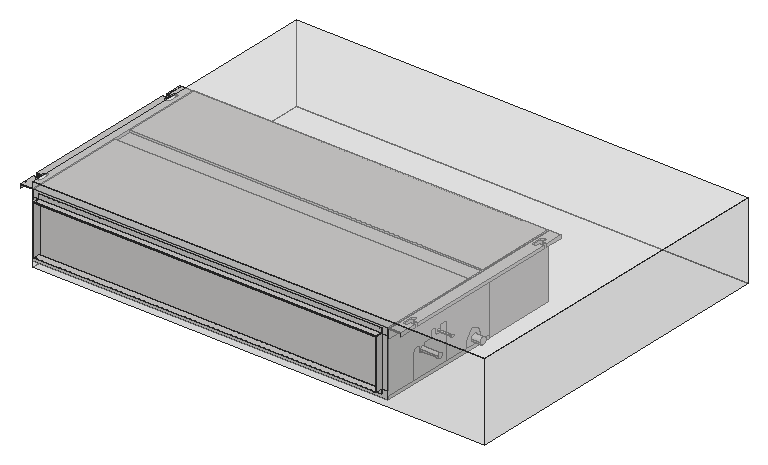
Revit family "outputfile", category 機械設備, Revit 2024
Family settings
  丸型コネクタ寸法 = 半径を使用
  パーツ タイプ = 標準
  OmniClass 番号 = 23.75.10.24.21.27.27
  OmniClass タイトル = Split System Air Conditioning Units
  作業面ベース = いいえ
  常に垂直 = はい
  ロード時にボイドで切り取り = いいえ
  注釈の向きを維持 = いいえ
  共有 = いいえ
  部屋計算ポイント = はい
Parameters (values of type "FDKS60CVMB")
  Description = ""
  書き出し IFC クラス(タイプ) = "IfcUnitaryEquipmentType"
  定義済み IFC タイプ(タイプ) = "AIRCONDITIONINGUNIT"
  Cost = 0
  Type Comments = ""
  Keynote = ""
  Type Image = (empty or 0)
  Assembly Code = ""
  switch_frequency = yes
  ld_powersupply = Depth / 2  # 310.0 mm
  製造元 = "Daikin"
  モデル = "FDKS60CVMB"
  r_Liquid Pipe Size = Liquid Pipe Size / 2  # 3.2 mm
  r_Gas Pipe Size = Gas Pipe Size / 2  # 6.35 mm
  r_Drain Pipe Size = Drain Pipe Size / 2  # 10.0 mm
  lw_powersupply = 50.0 mm  # constant formula
  lw_ductflange2 = 1020.0 mm
  lw_Width = 1060.0 mm
  lh_suctionflange [instance] = 100.0 mm  # constant formula
  ld_suctionflange [instance] = if(Rear Connection_Return Air, 190.0 mm, 100.0 mm)  # 190.0 mm
  connector_voltage = Voltage_50Hz  # 230 V
  connector_powerinput = [Power Input (Cooling)]  # 0.000 kW
  connector_phase = Phase_50Hz  # 1
  angle_vertical_RA [instance] = if(Rear Connection_Return Air, 90.00°, 0.00°)  # 90.00°
  angle horizontal_RA [instance] = if(Rear Connection_Return Air, 180.00°, 270.00°)  # 180.00°
  Voltage_comment_50Hz = "220 - 240"
  Voltage_50Hz = 230 V
  URL = ""
  Supply Air Direction [instance] = yes
  Sound Power Level_H speed (dB) = 0
  Rear Connection_Return Air [instance] = not(Bottom Connection_Return Air)  # yes
  RA_length [instance] = if(Rear Connection_Return Air, 190.0 mm, 100.0 mm)  # 190.0 mm
  Phase_50Hz = 1
  Minimum External Static Pressure = 0.00 Pa
  Minimum Circuit Amps_50Hz = 0.0 A
  Maximum Fuse Amps_50Hz = 0.0 A
  Maximum External Static Pressure = 40.00 Pa
  Material_Casing = DAIKIN_GalvanizedSteel_Casing_indoorunit
  lw_liquidpipe = 46.0 mm  # constant formula
  lw_gaspipe = 57.0 mm  # constant formula
  lw_mountinghole = 1140.0 mm
  lw_drainpipe = 30.0 mm  # constant formula
  lh_powersupply = 150.0 mm  # constant formula
  lh_liquidpipe = 90.0 mm  # constant formula
  lh_gaspipe = 113.0 mm  # constant formula
  lh_mountinghole = Height  # 200.0 mm
  lh_drainpipe = 170.0 mm  # constant formula
  lh_antena = 1.0 mm  # constant formula
  ld_liquidpipe = 193.0 mm  # constant formula
  ld_gaspipe = 130.0 mm  # constant formula
  ld_mountinghole = 500.0 mm  # constant formula
  ld_drainpipe = 330.0 mm  # constant formula
  ld_controlbox = 626.0 mm  # constant formula
  h*** = 0.0 mm  # constant formula
  d_dischargeflange = 21.2 mm  # constant formula
  Width = 1100.0 mm
  Version = "ver.1.0"
  Unit Type = "Duct (L.S.P)"
  Unit Mass Weight = 30.00 kg
  Unit Designation [instance] = ""
  Uniclass2015Version = "Products v1.30"
  Uniclass2015Title = "Split coil room air conditioning units"
  Uniclass2015Code = "Pr_70_65_03_86"
  Total Cooling Capacity [instance] = 0.000 kW
  Sound Pressure Level_M speed (dBA) = 36
  Sound Pressure Level_L speed (dBA) = 34
  Sound Pressure Level_H speed (dBA) = 38
  Series = "Multi Split_Fan Coil Unit"
  Sensible Cooling Capacity [instance] = 0.000 kW
  SA Duct Size Width = 1060.0 mm
  SA Duct Size Height = 153.0 mm
  Refrigerant Type = "R410A"
  RA Duct Size Width = 980.0 mm
  RA Duct Size Height = 160.0 mm
  Power Input (Cooling) = 0.000 kW
  Option Accessory 3 [instance] = ""
  Option Accessory 2 [instance] = ""
  Option Accessory 1 [instance] = ""
  Nominal Cooling Capacity = 6.000 kW
  Minimum Airflow = 810.00 m³/h
  Median Airflow = 888.00 m³/h
  Maximum Airflow = 960.00 m³/h
  Load Classification = HVAC
  Liquid Pipe Size = 6.4 mm
  Link_Nested Family [instance] = ""
  IfcVersion = ""
  IfcExportType = "AIRCONDITIONINGUNIT"
  IfcExportAs = "IfcUnitaryEquipmentType"
  Height = 200.0 mm
  Heat Exchanger Type = "Cross Fin Coil"
  Gas Pipe Size = 12.7 mm
  Frequency_50Hz = 50 Hz
  Fan Type = "Sirocco Fan"
  Fan Drive = "Direct Drive"
  FCU Tag No. [instance] = ""
  Drain Pipe Size = 20.0 mm
  Design Supply Airflow [instance] = 0.00 m³/h
  Design Return Airflow [instance] = 0.00 m³/h
  Design External Static Pressure [instance] = 0.00 Pa
  Depth = 620.0 mm
  既定の高さ = 0.0 mm
  Cooling Entering Wet Bulb Temperature [instance] = 0.00 °C
  Cooling Entering Dry Bulb Temperature [instance] = 0.00 °C
  Cooling Ambient Wet Bulb Temperature [instance] = 0.00 °C
  Cooling Ambient Dry Bulb Temperature [instance] = 0.00 °C
  Clearance visibility [instance] = yes
  Clearance Top = 20.0 mm
  Clearance Right = 300.0 mm
  Clearance Rear = 400.0 mm
  Clearance Left = 0.0 mm
  Clearance Front = 0.0 mm
  Clearance Bottom = 20.0 mm
  Bottom Connection_Return Air [instance] = no
Reference planes
  plane 1 "Center (Front/Back)": y = 0
  plane 2: z = 0
  plane 3 "Center (Left/Right)": x = 0
  plane 4 "Back": y = 310
  plane 5 "Front": y = -310
  plane 6 "Left": x = -550
  plane 7 "Right": x = 550
  plane 8 "Top": z = 0
  plane 9 "Bottom": z = -200
  plane 10: x = -570
  plane 11: x = 570
  plane 12: y = 250
  plane 13: z = 0
  plane 14 "Clearance Left": x = -550
  plane 15 "Clearance Right": x = 850
  plane 16 "Clearance Rear": y = 710
  plane 17 "Clearance Front": y = -310
  plane 18 "Clearance Top": z = 20
  plane 19 "Clearance Bottom": z = -220
  plane 20: y = -250
  plane 21: z = -21
  plane 22: z = -97.5
  plane 23: x = -40
  plane 24: y = 120
  plane 25: z = -100
  plane 26: y = -180
  plane 27: z = -113
  plane 28: y = -117
  plane 29: z = -90
  plane 30: y = 20
  plane 31: z = -170
  plane 32: x = 607
  plane 33: x = 596
  plane 34: x = 580
  plane 35: x = 500
  plane 36: z = -150
Forms (mm)
  Extrusion 1, solid, material "DAIKIN_GalvanizedSteel_Casing_indoorunit" <- "Material_Casing"
    sketch origin (0, 0, 0) x (1, 0, 0) y (0, 1, 0)
      loop
        line (-550, -310) -> (550, -310) -> (550, 310) -> (-550, 310) -> (-550, -310)
    from -200 to 0
  Extrusion 2, void
    sketch origin (0, 0, 1) x (1, 0, 0) y (0, 1, 0)
      loop
        line (-550, 61.5) -> (-550, 3.5) -> (550, 3.5) -> (550, 61.5) -> (-550, 61.5)
    from -1 to -7
  Extrusion 3, solid, material "DAIKIN_GalvanizedSteel_Casing_indoorunit" <- "Material_Casing", visible <- "Bottom Connection_Return Air"
    sketch origin (0, 0, 0) x (1, 0, 0) y (0, 0, 1)
      loop
        line (469, -200) -> (469, -1) -> (-549, -1) -> (-549, -200) -> (469, -200)
    from -310 to -309
  Extrusion 4, solid, material "DAIKIN_GalvanizedSteel_Casing_indoorunit" <- "Material_Casing", visible <- "Rear Connection_Return Air"
    sketch origin (0, 0, 0) x (1, 0, 0) y (0, 1, 0)
      loop
        line (-549, 310) -> (-549, 111) -> (469, 111) -> (469, 310) -> (-549, 310)
    from -200 to -199
  Extrusion 5, solid, material "DAIKIN_GalvanizedSteel_Casing_indoorunit" <- "Material_Casing"
    sketch origin (550, 0, 0) x (0, 1, 0) y (0, 0, 1)
      loop
        circle (-180, -113) r 6.35
    from 0 to 57
  Extrusion 6, solid, material "DAIKIN_GalvanizedSteel_Casing_indoorunit" <- "Material_Casing"
    sketch origin (550, 0, 0) x (0, 1, 0) y (0, 0, 1)
      loop
        circle (-117, -90) r 3.2
    from 0 to 46
  Extrusion 7, solid, material "DAIKIN_GalvanizedSteel_Casing_indoorunit" <- "Material_Casing"
    sketch origin (550, 0, 0) x (0, 1, 0) y (0, 0, 1)
      loop
        circle (20, -170) r 10
    from 0 to 30
  Extrusion 8, solid, material "DAIKIN_GalvanizedSteel_Casing_indoorunit" <- "Material_Casing"
    sketch origin (550, 0, 0) x (0, 1, 0) y (0, 0, 1)
      loop
        line (-310, -200) -> (78.6, -200) -> (78.6, -193)
        arc (78.6, -193) -> (77.721, -190.879) -> (75.6, -190) r 3
        line (75.6, -190) -> (-310, -190) -> (-310, -200)
    from 0 to -1
  Extrusion 9, solid, material "DAIKIN_GalvanizedSteel_Casing_indoorunit" <- "Material_Casing"
    sketch origin (550, 0, 0) x (0, 1, 0) y (0, 0, 1)
      loop
        line (-210, -190) -> (-85.6, -190) -> (-85.6, -83)
        arc (-85.6, -83) -> (-86.479, -80.879) -> (-88.6, -80) r 3
        line (-88.6, -80) -> (-102, -80)
        arc (-102, -80) -> (-104.121, -80.879) -> (-105, -83) r 3
        line (-105, -83) -> (-105, -90)
        arc (-105, -90) -> (-117, -102) -> (-129, -90) r 12
        line (-129, -90) -> (-129, -83)
        arc (-129, -83) -> (-129.879, -80.879) -> (-132, -80) r 3
        line (-132, -80) -> (-136.1, -80)
        arc (-136.1, -80) -> (-138.221, -80.879) -> (-139.1, -83) r 3
        line (-139.1, -83) -> (-139.1, -102.7) -> (-165, -102.7)
        arc (-165, -102.7) -> (-167.121, -103.579) -> (-168, -105.7) r 3
        line (-168, -105.7) -> (-168, -113)
        arc (-168, -113) -> (-180, -125) -> (-192, -113) r 12
        line (-192, -113) -> (-192, -105.7)
        arc (-192, -105.7) -> (-192.879, -103.579) -> (-195, -102.7) r 3
        line (-195, -102.7) -> (-207, -102.7)
        arc (-207, -102.7) -> (-209.121, -103.579) -> (-210, -105.7) r 3
        line (-210, -105.7) -> (-210, -190)
    from 0 to -1
  Extrusion 10, solid, material "DAIKIN_GalvanizedSteel_Casing_indoorunit" <- "Material_Casing"
    sketch origin (550, 0, 0) x (0, 1, 0) y (0, 0, 1)
      loop
        arc (44.5, -170) -> (20, -145.5) -> (-4.5, -170) r 24.5
        line (-4.5, -170) -> (-4.5, -190) -> (44.5, -190) -> (44.5, -170)
    from 0 to -1
  Extrusion 11, solid, material "DAIKIN_GalvanizedSteel_Casing_indoorunit" <- "Material_Casing"
    sketch origin (550, 0, 0) x (0, 1, 0) y (0, 0, 1)
      loop
        arc (86.6, -22) -> (84.479, -22.879) -> (83.6, -25) r 3
        line (83.6, -25) -> (83.6, -194.5)
        arc (83.6, -194.5) -> (84.479, -196.621) -> (86.6, -197.5) r 3
        line (86.6, -197.5) -> (307, -197.5)
        arc (307, -197.5) -> (309.121, -196.621) -> (310, -194.5) r 3
        line (310, -194.5) -> (310, -25)
        arc (310, -25) -> (309.121, -22.879) -> (307, -22) r 3
        line (307, -22) -> (86.6, -22)
    from 0 to -1
Cuts and joins
  Extrusion 2 cuts Extrusion 1
Dimensions and locks
  "Height": plane 8 "Top" to plane 9 "Bottom"
  equal spacing: plane 10, plane 3 "Center (Left/Right)", plane 11
  "lw_mountinghole": plane 10 to plane 11
  equal spacing: plane 6 "Left", plane 3 "Center (Left/Right)", plane 7 "Right"
  "Width": plane 6 "Left" to plane 7 "Right"
  "Clearance Right": plane 7 "Right" to plane 15 "Clearance Right"
  "Clearance Left": plane 14 "Clearance Left" to plane 6 "Left"
  "Clearance Rear": plane 16 "Clearance Rear" to plane 4 "Back"
  "Clearance Front": plane 5 "Front" to plane 17 "Clearance Front"
  "Clearance Top": plane 18 "Clearance Top" to plane 8 "Top"
  "Clearance Bottom": plane 9 "Bottom" to plane 19 "Clearance Bottom"
  "Depth": plane 4 "Back" to plane 5 "Front"
  equal spacing: plane 4 "Back", plane 1 "Center (Front/Back)", plane 5 "Front"
  Extrusion 3 sketch curve to Extrusion 3 sketch curve = 199.0 mm
  locked: plane 20 to plane 5 "Front" at 60
  "ld_mountinghole": plane 12 to plane 20
  locked: plane 8 "Top" to plane 21 at 21
  locked: plane 23 to plane 3 "Center (Left/Right)" at 40
  "ld_suctionflange": plane 4 "Back" to plane 24
  "lh_suctionflange": plane 8 "Top" to plane 25
  "ld_gaspipe": plane 26 to plane 5 "Front"
  "lh_gaspipe": plane 8 "Top" to plane 27
  "ld_liquidpipe": plane 28 to plane 5 "Front"
  "lh_liquidpipe": plane 8 "Top" to plane 29
  "ld_drainpipe": plane 30 to plane 5 "Front"
  "lh_drainpipe": plane 8 "Top" to plane 31
  "lw_gaspipe": plane 7 "Right" to plane 32
  "lw_liquidpipe": plane 7 "Right" to plane 33
  "lw_drainpipe": plane 7 "Right" to plane 34
  "lw_powersupply": plane 35 to plane 7 "Right"
  "lh_powersupply": plane 8 "Top" to plane 36
  "r_Gas Pipe Size": radius of Extrusion 5 sketch curve
  "r_Liquid Pipe Size": radius of Extrusion 6 sketch curve
  "r_Drain Pipe Size": radius of Extrusion 7 sketch curve
  aligned and locked: level to plane 2
  aligned and locked: Extrusion 1 to plane 9 "Bottom"
  aligned and locked: plane 8 "Top" to Extrusion 1
  aligned and locked: plane 11 to nested 2
  aligned and locked: plane 10 to nested 3
  aligned and locked: plane 10 to nested 4
  aligned and locked: plane 8 "Top" to Extrusion 2
  aligned and locked: plane 9 "Bottom" to Extrusion 4  (x2)
  aligned and locked: plane 7 "Right" to cut or joined group of Extrusion 1, Extrusion 2  (x2)
  aligned and locked: plane 3 "Center (Left/Right)" to nested 9
  aligned and locked: plane 6 "Left" to nested 7
  aligned and locked: plane 8 "Top" to nested 9
  aligned and locked: plane 11 to nested 1
  aligned and locked: nested 6 to plane 1 "Center (Front/Back)"
  aligned and locked: plane 3 "Center (Left/Right)" to nested 6
  aligned and locked: level to plane 8 "Top"
  aligned and locked: plane 1 "Center (Front/Back)" to nested 9
  aligned and locked: plane 5 "Front" to nested 10
  aligned and locked: Extrusion 1 sketch curve to plane 5 "Front"
  aligned and locked: plane 21 to nested 10
  aligned and locked: nested 5 to plane 5 "Front"
  aligned and locked: plane 3 "Center (Left/Right)" to nested 5
  aligned and locked: plane 22 to nested 5
  aligned and locked: Extrusion 2 sketch curve to plane 6 "Left"
  aligned and locked: plane 7 "Right" to Extrusion 2 sketch curve
  aligned and locked: nested 11 to plane 23
  aligned and locked: nested 11 to plane 24
  aligned and locked: plane 27 to Extrusion 5 sketch curve
  aligned and locked: plane 26 to Extrusion 5 sketch curve
  aligned and locked: plane 28 to Extrusion 6 sketch curve
  aligned and locked: plane 29 to Extrusion 6 sketch curve
  aligned and locked: plane 31 to Extrusion 7 sketch curve
  aligned and locked: plane 30 to Extrusion 7 sketch curve
  aligned and locked: plane 26 to nested 12
  aligned and locked: nested 12 to plane 27
  aligned and locked: plane 32 to Extrusion 5
  aligned and locked: plane 32 to nested 12
  aligned and locked: plane 33 to Extrusion 6
  aligned and locked: plane 28 to nested 13
  aligned and locked: nested 13 to plane 29
  aligned and locked: plane 33 to nested 13
  aligned and locked: plane 34 to Extrusion 7
  aligned and locked: plane 30 to nested 14
  aligned and locked: nested 14 to plane 31
  aligned and locked: plane 34 to nested 14
  aligned and locked: Extrusion 8 sketch curve to plane 9 "Bottom"
  aligned and locked: Extrusion 8 sketch curve to plane 5 "Front"
  aligned and locked: plane 14 "Clearance Left" to nested 15
  aligned and locked: plane 15 "Clearance Right" to nested 15
  aligned and locked: plane 16 "Clearance Rear" to nested 15
  aligned and locked: nested 15 to plane 17 "Clearance Front"
  aligned and locked: nested 15 to plane 18 "Clearance Top"
  aligned and locked: nested 15 to plane 19 "Clearance Bottom"
  aligned and locked: nested 16 to plane 35
  aligned and locked: nested 16 to plane 36
  aligned and locked: plane 4 "Back" to nested 16
Automatic sketch dimensions
  Extrusion 1 sketch curve to plane 4 "Back" = 0.0 mm
  Extrusion 1 sketch curve to plane 6 "Left" = 0.0 mm
  Extrusion 1 sketch curve to plane 7 "Right" = 0.0 mm
  Extrusion 4 sketch curve to plane 4 "Back" = 0.0 mm
  plane 6 "Left" to Extrusion 3 sketch curve = 1.0 mm
  plane 6 "Left" to Extrusion 4 sketch curve = 1.0 mm
  Extrusion 4 sketch curve to plane 1 "Center (Front/Back)" = 111.0 mm
  Extrusion 3 sketch curve to plane 9 "Bottom" = 0.0 mm
  Extrusion 3 sketch curve to plane 7 "Right" = 81.0 mm
  Extrusion 4 sketch curve to plane 7 "Right" = 81.0 mm
  Extrusion 2 sketch curve to plane 1 "Center (Front/Back)" = 3.5 mm
  Extrusion 2 sketch curve to Extrusion 2 sketch curve = 58.0 mm
  plane 9 "Bottom" to Extrusion 8 sketch curve = 7.0 mm
  Extrusion 8 sketch curve to plane 24 = 44.4 mm
  Extrusion 8 sketch curve to Extrusion 8 sketch curve = 3.0 mm
  Extrusion 9 sketch curve to plane 27 = 0.0 mm
  Extrusion 9 sketch curve to plane 26 = 0.0 mm
  Extrusion 9 sketch curve to plane 29 = 0.0 mm
  Extrusion 9 sketch curve to plane 28 = 0.0 mm
  Extrusion 9 sketch curve to plane 26 = 12.0 mm
  Extrusion 9 sketch curve to plane 25 = 2.7 mm  (x2)
  Extrusion 9 sketch curve to Extrusion 9 sketch curve = 3.0 mm  (x6)
  Extrusion 9 sketch curve to Extrusion 9 sketch curve = 12.0 mm
  plane 9 "Bottom" to Extrusion 9 sketch curve = 10.0 mm
  Extrusion 9 sketch curve to plane 26 = 30.0 mm
  Extrusion 9 sketch curve to plane 28 = 22.1 mm
  Extrusion 9 sketch curve to Extrusion 9 sketch curve = 4.1 mm
  plane 29 to Extrusion 9 sketch curve = 7.0 mm  (x2)
  Extrusion 9 sketch curve to Extrusion 9 sketch curve = 13.4 mm
  Extrusion 10 sketch curve to plane 30 = 0.0 mm
  Extrusion 10 sketch curve to plane 31 = 0.0 mm
  plane 1 "Center (Front/Back)" to Extrusion 10 sketch curve = 4.5 mm
  plane 9 "Bottom" to Extrusion 10 sketch curve = 10.0 mm
  Extrusion 11 sketch curve to plane 4 "Back" = 0.0 mm
  Extrusion 11 sketch curve to Extrusion 11 sketch curve = 3.0 mm  (x3)
  Extrusion 11 sketch curve to plane 21 = 1.0 mm
  Extrusion 11 sketch curve to plane 21 = 4.0 mm
  Extrusion 11 sketch curve to plane 24 = 33.4 mm
  plane 9 "Bottom" to Extrusion 11 sketch curve = 5.5 mm
Nested families
  nested 1: "daikin_mountinghole" at (570, 250, -200), l_antenna <- "lh_antena", Link_Nested Family <- "Link_Nested Family", h_mountinghole <- "lh_mountinghole", type "daikin_mountinghole"
    with show yes, l_antenna 1.0 mm, h_mountinghole 200.0 mm, Link_Nested Family ""
  nested 2: "daikin_mountinghole" at (570, -250, -200), Link_Nested Family <- "Link_Nested Family", l_antenna <- "lh_antena", h_mountinghole <- "lh_mountinghole", type "daikin_mountinghole"
    with show yes, l_antenna 1.0 mm, h_mountinghole 200.0 mm, Link_Nested Family ""
  nested 3: "daikin_mountinghole" at (-570, -250, -200), l_antenna <- "lh_antena", Link_Nested Family <- "Link_Nested Family", h_mountinghole <- "lh_mountinghole", type "daikin_mountinghole"
    with show yes, l_antenna 1.0 mm, h_mountinghole 200.0 mm, Link_Nested Family ""
  nested 4: "daikin_mountinghole" at (-570, 250, -200), l_antenna <- "lh_antena", Link_Nested Family <- "Link_Nested Family", h_mountinghole <- "lh_mountinghole", type "daikin_mountinghole"
    with show yes, l_antenna 1.0 mm, h_mountinghole 200.0 mm, Link_Nested Family ""
  nested 5: "daikin_connector_rotate2" at (0, -310, -97.5), length <- "d_dischargeflange", type "daikin_connector_rotate2"
    with radius 10.0 mm, length 21.2 mm, angle_vertical 90.00°, show_face no
  nested 6: "daikin_△_symbolicline" at (-75, -129.904, 200) x (-0.5, 0.866, 0) z (0, 0, 1), built-in parameter 1001364 <- "Height", visible <- "Supply Air Direction", type "daikin_△_symbolicline"
    with length 300.0 mm
  nested 7: "daikin_ductflange_FDKS-CVMB_1" at (-40, 310, -100), visible <- "Rear Connection_Return Air", material <- "Material_Casing", width <- "lw_ductflange2", type "daikin_ductflange_FDKS-CVMB_1"
    with width 1020.0 mm, material DAIKIN_GalvanizedSteel_Casing_indoorunit, height 180.0 mm, depth 21.2 mm
  nested 8: "daikin_ductflange_FDKS-CVMB_1" at (-40, 210, -200) x (1, 0, 0) z (0, 1, 0), visible <- "Bottom Connection_Return Air", material <- "Material_Casing", width <- "lw_ductflange2", type "daikin_ductflange_FDKS-CVMB_1"
    with width 1020.0 mm, material DAIKIN_GalvanizedSteel_Casing_indoorunit, height 180.0 mm, depth 21.2 mm
  nested 9: "daikin_hangerfixture_FDKS-CVMB" at (0, 0, 0), type "daikin_hangerfixture_FDKS-CVMB"
    with width 1100.0 mm
  nested 10: "daikin_ductflange_FDKS-CVMB" at (0, 3.5, -364.201), width <- "lw_Width", material <- "Material_Casing", type "daikin_ductflange_FDKS-CVMB"
    with width 1060.0 mm, material DAIKIN_GalvanizedSteel_Casing_indoorunit, height 155.0 mm, depth 21.2 mm
  nested 11: "daikin_connector_rotate3" at (-40, 120, -100), length <- "RA_length", angle_vertical <- "angle_vertical_RA", angle_horizontal <- "angle horizontal_RA", type "daikin_connector_rotate3"
    with show no, radius 10.0 mm, length 190.0 mm, angle_vertical 90.00°, angle_horizontal 180.00°
  nested 12: "daikin_connector_rotate2" at (550, -180, -113) x (0, 1, 0) z (0, 0, 1), length <- "lw_gaspipe", radius <- "r_Gas Pipe Size", type "daikin_connector_rotate2"
    with radius 6.35 mm, length 57.0 mm, angle_vertical 90.00°, show_face no
  nested 13: "daikin_connector_rotate2" at (550, -117, -90) x (0, 1, 0) z (0, 0, 1), radius <- "r_Liquid Pipe Size", length <- "lw_liquidpipe", type "daikin_connector_rotate2"
    with radius 3.2 mm, length 46.0 mm, angle_vertical 90.00°, show_face no
  nested 14: "daikin_connector_rotate2" at (550, 20, -170) x (0, 1, 0) z (0, 0, 1), radius <- "r_Drain Pipe Size", length <- "lw_drainpipe", type "daikin_connector_rotate2"
    with radius 10.0 mm, length 30.0 mm, angle_vertical 90.00°, show_face no
  nested 15: "daikin_clearancespace" at (150, 200, -99.881), visible <- "Clearance visibility", Link_Nested Family <- "Link_Nested Family", show <- "Clearance visibility", type "daikin_clearancespace"
    with width 1400.0 mm, show yes, height 240.0 mm, depth 1020.0 mm, Link_Nested Family ""
  nested 16: "daikin_connector_rotate2" at (500, 0, -150) x (-1, 0, 0) z (0, 0, 1), length <- "ld_powersupply", type "daikin_connector_rotate2"
    with radius 10.0 mm, length 310.0 mm, angle_vertical 90.00°, show_face no
Connectors
  hvac at (0, -331.2, -97.5), driven by "SA Duct Size Height", driven by "SA Duct Size Width"
    settings: on nested 5, index 1, duct flow 0.00 m³/h, flow factor 0, pres drop 0.00 Pa, loss coef 0, conn angle 0.00°, conn width 1060.0 mm, conn height 153.0 mm, conn diameter 609.6 mm, duct sys type 1, conn prof type 1, flow config 0, flow direction 2, loss method 4, conn ref index -1, conn util no, is conn primary yes, conn desc "SA Duct"
  hvac at (-40, 310, -100), driven by "RA Duct Size Height", driven by "RA Duct Size Width"
    settings: on nested 11, index 2, duct flow 0.00 m³/h, flow factor 0, pres drop 0.00 Pa, loss coef 0, conn angle 0.00°, conn width 980.0 mm, conn height 160.0 mm, conn diameter 609.6 mm, duct sys type 2, conn prof type 1, flow config 0, flow direction 1, loss method 4, conn ref index -1, conn util no, is conn primary no, conn desc "RA Duct"
  piping at (607, -180, -113), diameter 12.7, driven by "r_Gas Pipe Size"
    settings: on nested 12, index 3, connector inside diameter 609.6 mm, connector length 0.0 mm, flow factor 0, pipe flow 0.00 m³/h, pressure drop 0.0 Pa, fitting loss kfactor 0, connector angle 0.00°, fixture units 0, engagement length 0.0 mm, angle of deflection 0.00°, flow configuration 1, flow direction 2, fitting loss method 0, system type 29, joint type 0, gender type 0, connector reference index -1, connector utility 0, adjustable connector no, is connector primary yes, connector description "Refrigerant Gas Piping"
  piping at (596, -117, -90), diameter 6.4, driven by "r_Liquid Pipe Size"
    settings: on nested 13, index 4, connector inside diameter 609.6 mm, connector length 0.0 mm, flow factor 0, pipe flow 0.00 m³/h, pressure drop 0.0 Pa, fitting loss kfactor 0, connector angle 0.00°, fixture units 0, engagement length 0.0 mm, angle of deflection 0.00°, flow configuration 1, flow direction 1, fitting loss method 0, system type 29, joint type 0, gender type 0, connector reference index -1, connector utility 0, adjustable connector no, is connector primary no, connector description "Refrigerant Liquid Piping"
  piping at (580, 20, -170), diameter 20, driven by "r_Drain Pipe Size"
    settings: on nested 14, index 5, connector inside diameter 609.6 mm, connector length 0.0 mm, flow factor 0, pipe flow 0.00 m³/h, pressure drop 0.0 Pa, fitting loss kfactor 0, connector angle 0.00°, fixture units 0, engagement length 0.0 mm, angle of deflection 0.00°, flow configuration 1, flow direction 2, fitting loss method 4, system type 16, joint type 0, gender type 0, connector reference index -1, connector utility 0, adjustable connector no, is connector primary no, connector description "Condensate Drain Piping"
  electrical at (500, 310, -150), driven by "Load Classification", driven by "connector_phase", driven by "connector_voltage", driven by "connector_powerinput"
    settings: on nested 16, index 6, voltage 230 V, apparent load 0 VA, apparent load phase1 0 VA, apparent load phase2 0 VA, apparent load phase3 0 VA, power factor 1, load classification "HVAC", number of poles 1, system type 30, power factor state 1, is connector primary yes, connector utility no, sub classification motor no, connector description "Power Supply"
Definition of nested family "daikin_ductflange_FDKS-CVMB_1"
  Parameters (values of type "daikin_ductflange_FDKS-CVMB_1")
    width [instance] = 620.0 mm
    material [instance] = none
    height [instance] = 180.0 mm
    depth [instance] = 21.2 mm
    Default Elevation = 0.0 mm
  Reference planes
    plane 1 "Center (Front/Back)": y = 0
    plane 2: z = 0
    plane 3 "Center (Left/Right)": x = 0
    plane 4: x = -310
    plane 5: x = 310
    plane 6: z = 90
    plane 7: z = -90
    plane 8: z = 100
    plane 9: z = -100
    plane 10: x = -309
    plane 11: x = 309
  Forms (mm)
    Extrusion 1, solid, material <- "material"
      sketch origin (0, 0, 0) x (1, 0, 0) y (0, 0, 1)
        loop
          line (-290, 80) -> (-290, -80) -> (290, -80) -> (290, 80) -> (-290, 80)
        loop
          line (-309, -99) -> (309, -99) -> (309, 99) -> (-309, 99) -> (-309, -99)
      from 0 to 1
  Dimensions and locks
    equal spacing: plane 5, plane 3 "Center (Left/Right)", plane 4, locked at 310 each
    "width": plane 5 to plane 4
    equal spacing: plane 6, level, plane 7, locked at 90 each
    "height": plane 6 to plane 7
    equal spacing: plane 8, level, plane 9, locked at 100 each
    locked: plane 8 to plane 9 at 200
    plane 10 to plane 4 = 1.0 mm
    locked: plane 5 to plane 11 at 1
    locked: Extrusion 1 sketch curve to Extrusion 1 sketch curve at 19  (x4)
    locked: plane 8 to Extrusion 1 sketch curve at 1
    locked: Extrusion 1 sketch curve to plane 9 at 1
    aligned and locked: level to plane 2
  Automatic sketch dimensions
    plane 4 to Extrusion 1 sketch curve = 1.0 mm
    Extrusion 1 sketch curve to plane 5 = 1.0 mm
Definition of nested family "daikin_hangerfixture_FDKS-CVMB"
  Parameters (values of type "daikin_hangerfixture_CDKS-EAVMA")
    width = 700.0 mm
    material = none
    height = 30.0 mm
    depth = 618.0 mm
    Default Elevation = 0.0 mm
  Reference planes
    plane 1 "Center (Front/Back)": y = 0
    plane 2: z = 0
    plane 3 "Center (Left/Right)": x = 0
    plane 4: x = 350
    plane 5: y = 309
    plane 6: y = -309
    plane 7: x = -350
    plane 8: z = -30
  Forms (mm)
    Extrusion 1, solid, material <- "material"
      sketch origin (0, 0, 0) x (1, 0, 0) y (0, 0, 1)
        loop
          line (350, 0) -> (350, -30) -> (352.3, -30) -> (352.3, -2.3) -> (387.7, -2.3) -> (387.7, -10) -> (390, -10) -> (390, 0) -> (350, 0)
      from -309 to 309
    Extrusion 2, void
      sketch origin (0, 0, 0) x (0, 1, 0) y (0, 0, 1)
        loop
          line (309, -30) -> (309, -17.979) -> (87.935, -17.979) -> (75.914, -30) -> (309, -30)
      from 0 to 450
    Extrusion 3, void
      sketch origin (0, 0, 0) x (1, 0, 0) y (0, 1, 0)
        loop
          line (390, -243.5) -> (377, -243.5) -> (377, -237)
          arc (377, -237) -> (370, -230) -> (363, -237) r 7
          line (363, -237) -> (363, -263)
          arc (363, -263) -> (370, -270) -> (377, -263) r 7
          line (377, -263) -> (377, -256.5) -> (390, -256.5) -> (390, -243.5)
        loop
          line (390, 243.5) -> (390, 256.5) -> (377, 256.5) -> (377, 263)
          arc (377, 263) -> (370, 270) -> (363, 263) r 7
          line (363, 263) -> (363, 237)
          arc (363, 237) -> (370, 230) -> (377, 237) r 7
          line (377, 237) -> (377, 243.5) -> (390, 243.5)
      from -254.96 to 618
    Extrusion 4, solid, material <- "material"
      sketch origin (0, 0, 0) x (-1, 0, 0) y (0, 0, -1)
        loop
          line (350, 0) -> (390, 0) -> (390, 10) -> (387.7, 10) -> (387.7, 2.3) -> (352.3, 2.3) -> (352.3, 30) -> (350, 30) -> (350, 0)
      from -309 to 309
    Extrusion 5, void
      sketch origin (0, 0, 0) x (-1, 0, 0) y (0, -1, 0)
        loop
          line (390, 243.5) -> (390, 256.5) -> (377, 256.5) -> (377, 263)
          arc (377, 263) -> (370, 270) -> (363, 263) r 7
          line (363, 263) -> (363, 237)
          arc (363, 237) -> (370, 230) -> (377, 237) r 7
          line (377, 237) -> (377, 243.5) -> (390, 243.5)
        loop
          line (390, -243.5) -> (377, -243.5) -> (377, -237)
          arc (377, -237) -> (370, -230) -> (363, -237) r 7
          line (363, -237) -> (363, -263)
          arc (363, -263) -> (370, -270) -> (377, -263) r 7
          line (377, -263) -> (377, -256.5) -> (390, -256.5) -> (390, -243.5)
      from -254.96 to 618
  Cuts and joins
    Extrusion 2, Extrusion 3, Extrusion 5 cuts Extrusion 1
    Extrusion 5 cuts Extrusion 4
  Dimensions and locks
    equal spacing: plane 5, plane 1 "Center (Front/Back)", plane 6
    "depth": plane 5 to plane 6
    plane 6 to plane 1 "Center (Front/Back)" to plane 5 = 309.0 mm, 309.0 mm
    equal spacing: plane 4, plane 3 "Center (Left/Right)", plane 7
    "width": plane 4 to plane 7
    "height": level to plane 8
    aligned and locked: level to plane 2
    aligned and locked: plane 5 to Extrusion 1
    aligned and locked: Extrusion 1 to plane 6
    aligned and locked: Extrusion 1 to plane 4
    aligned and locked: plane 5 to cut or joined group of Extrusion 1, Extrusion 2, Extrusion 3, Extrusion 5
    aligned and locked: cut or joined group of Extrusion 1, Extrusion 2, Extrusion 3, Extrusion 5 to plane 6
    aligned and locked: level to cut or joined group of Extrusion 1, Extrusion 2, Extrusion 3, Extrusion 5
    aligned and locked: cut or joined group of Extrusion 1, Extrusion 2, Extrusion 3, Extrusion 5 to plane 8
    aligned and locked: plane 5 to cut or joined group of Extrusion 4, Extrusion 5
    aligned and locked: cut or joined group of Extrusion 4, Extrusion 5 to plane 6
  Automatic sketch dimensions
    Extrusion 1 sketch curve to plane 4 = 0.0 mm
    Extrusion 1 sketch curve to plane 8 = 0.0 mm
    Extrusion 1 sketch curve to level = 0.0 mm
    plane 4 to Extrusion 1 sketch curve = 2.3 mm
    Extrusion 1 sketch curve to level = 2.3 mm
    Extrusion 1 sketch curve to Extrusion 1 sketch curve = 35.4 mm
    Extrusion 1 sketch curve to Extrusion 1 sketch curve = 2.3 mm
    Extrusion 1 sketch curve to Extrusion 1 sketch curve = 7.7 mm
    Extrusion 2 sketch curve to plane 8 = 0.0 mm
    Extrusion 2 sketch curve to plane 5 = 0.0 mm
    plane 8 to Extrusion 2 sketch curve = 12.021 mm
    Extrusion 2 sketch curve to plane 1 "Center (Front/Back)" = 87.935 mm
    Extrusion 2 sketch curve to Extrusion 2 sketch curve = 12.021 mm
    plane 4 to Extrusion 3 sketch curve = 13.0 mm  (x2)
    Extrusion 3 sketch curve to Extrusion 3 sketch curve = 7.0 mm  (x4)
    Extrusion 3 sketch curve to Extrusion 3 sketch curve = 13.0 mm  (x4)
    plane 6 to Extrusion 3 sketch curve = 46.0 mm
    Extrusion 3 sketch curve to Extrusion 3 sketch curve = 6.5 mm  (x4)
    Extrusion 3 sketch curve to plane 5 = 72.0 mm
    Extrusion 4 sketch curve to plane 7 = 0.0 mm
    Extrusion 4 sketch curve to plane 8 = 0.0 mm
    Extrusion 4 sketch curve to level = 0.0 mm
    Extrusion 4 sketch curve to plane 7 = 2.3 mm
    Extrusion 4 sketch curve to level = 2.3 mm
    Extrusion 4 sketch curve to Extrusion 4 sketch curve = 35.4 mm
    Extrusion 4 sketch curve to Extrusion 4 sketch curve = 2.3 mm
    Extrusion 4 sketch curve to Extrusion 4 sketch curve = 7.7 mm
    Extrusion 5 sketch curve to plane 7 = 13.0 mm  (x2)
    Extrusion 5 sketch curve to Extrusion 5 sketch curve = 7.0 mm  (x4)
    Extrusion 5 sketch curve to Extrusion 5 sketch curve = 13.0 mm  (x4)
    Extrusion 5 sketch curve to plane 5 = 46.0 mm
    Extrusion 5 sketch curve to Extrusion 5 sketch curve = 6.5 mm  (x4)
    plane 6 to Extrusion 5 sketch curve = 72.0 mm
Definition of nested family "daikin_ductflange_FDKS-CVMB"
  Parameters (values of type "daikin_ductflange_FXDQ-NDVET")
    width [instance] = 660.0 mm
    material [instance] = none
    height [instance] = 155.0 mm
    depth [instance] = 21.2 mm
    Default Elevation = 0.0 mm
  Reference planes
    plane 1 "Center (Front/Back)": y = 0
    plane 2: z = 189.201
    plane 3 "Center (Left/Right)": x = 0
    plane 4: y = -313.5
    plane 5: x = -330
    plane 6: x = 330
    plane 7: y = -334.7
    plane 8: z = 344.201
    plane 9: z = 266.701
    plane 10: z = 343.201
    plane 11: z = 190.201
  Forms (mm)
    Extrusion 1, solid, material <- "material"
      sketch origin (0, 0, 189.201) x (1, 0, 0) y (0, 1, 0)
        loop
          line (-330, -334.7) -> (-330, -313.5) -> (-350, -313.5) -> (-350, -314.5) -> (-331, -314.5) -> (-331, -334.7) -> (-330, -334.7)
        loop
          line (330, -334.7) -> (331, -334.7) -> (331, -314.5) -> (350, -314.5) -> (350, -313.5) -> (330, -313.5) -> (330, -334.7)
      from 1 to 154
    Extrusion 2, solid, material <- "material"
      sketch origin (0, 0, 0) x (0, 1, 0) y (0, 0, 1)
        loop
          line (-313.5, 343.201) -> (-313.5, 358.201) -> (-314.5, 358.201) -> (-314.5, 344.201) -> (-334.7, 344.201) -> (-334.7, 343.201) -> (-313.5, 343.201)
        loop
          line (-313.5, 190.201) -> (-334.7, 190.201) -> (-334.7, 189.201) -> (-314.5, 189.201) -> (-314.5, 175.201) -> (-313.5, 175.201) -> (-313.5, 190.201)
      from -330 to 330
  Dimensions and locks
    plane 4 to plane 1 "Center (Front/Back)" = 313.5 mm
    "depth": plane 7 to plane 4
    equal spacing: plane 8, plane 9, level
    "height": plane 8 to level
    equal spacing: plane 6, plane 3 "Center (Left/Right)", plane 5
    "width": plane 6 to plane 5
    locked: plane 8 to plane 10 at 1
    locked: plane 11 to level at 1
    locked: Extrusion 1 to Extrusion 2 sketch curve at 1
    locked: Extrusion 2 sketch curve to Extrusion 1 at 1
    plane 10 to plane 11 = 153.0 mm
    aligned and locked: level to plane 2
    aligned and locked: Extrusion 2 to plane 5
    aligned and locked: Extrusion 2 to plane 11
    aligned and locked: Extrusion 2 to plane 10
    aligned and locked: plane 6 to Extrusion 2
    aligned and locked: plane 5 to Extrusion 2  (x2)
    aligned and locked: plane 5 to Extrusion 1  (x2)
    aligned and locked: Extrusion 1 to plane 6
    aligned and locked: plane 6 to Extrusion 1
    aligned and locked: Extrusion 1 to plane 10
  Automatic sketch dimensions
    Extrusion 2 sketch curve to plane 7 = 0.0 mm  (x2)
    Extrusion 2 sketch curve to plane 4 = 0.0 mm  (x2)
    Extrusion 2 sketch curve to plane 11 = 0.0 mm
    Extrusion 2 sketch curve to plane 10 = 0.0 mm
    Extrusion 2 sketch curve to plane 4 = 1.0 mm  (x2)
    Extrusion 2 sketch curve to level = 14.0 mm
    plane 8 to Extrusion 2 sketch curve = 14.0 mm
    Extrusion 1 sketch curve to plane 4 = 0.0 mm  (x2)
    Extrusion 1 sketch curve to plane 7 = 0.0 mm  (x2)
    Extrusion 1 sketch curve to plane 5 = 0.0 mm
    Extrusion 1 sketch curve to plane 6 = 0.0 mm
    Extrusion 1 sketch curve to plane 5 = 1.0 mm
    Extrusion 1 sketch curve to Extrusion 1 sketch curve = 19.0 mm  (x2)
    Extrusion 1 sketch curve to Extrusion 1 sketch curve = 1.0 mm
    Extrusion 1 sketch curve to plane 4 = 1.0 mm  (x2)
Definition of nested family "daikin_clearancespace"
  Parameters (values of type "daikin_clearancespace")
    Description = "daikin_clearancespace"
    width [instance] = 1823.963 mm
    show [instance] = yes
    material = none
    height [instance] = 1359.762 mm
    depth [instance] = 880.0 mm
    Default Elevation = 0.0 mm
    Link_Nested Family [instance] = ""
  Reference planes
    plane 1 "Center (Front/Back)": y = 0
    plane 2 "Center (Elevation)": z = -0.119
    plane 3 "Center (Left/Right)": x = 0
    plane 4: y = 440
    plane 5: y = -440
    plane 6 "Right": x = 911.982
    plane 7 "Left": x = -911.982
    plane 8 "Top": z = 679.762
    plane 9 "Bottom": z = -680
  Forms (mm)
    Extrusion 1, solid, material <- "material", visible <- "show"
      sketch origin (0, 0, 0) x (1, 0, 0) y (0, 1, 0)
        loop
          line (-911.982, 440) -> (-911.982, -440) -> (911.982, -440) -> (911.982, 440) -> (-911.982, 440)
      from -680 to 679.762
  Lines and regions (mm)
    symbolic lines, visible <- "show"
      curve 1: line (911.982, 440, 0) -> (-911.982, 440, 0)
      curve 2: line (-911.982, 440, 0) -> (-911.982, -440, 0)
      curve 3: line (-911.982, -440, 0) -> (911.982, -440, 0)
      curve 4: line (911.982, -440, 0) -> (911.982, 440, 0)
      curve 5: line (911.982, 0, 679.762) -> (-911.982, 0, 679.762)
      curve 6: line (911.982, 0, -680) -> (911.982, 0, 679.762)
      curve 7: line (-911.982, 0, -680) -> (911.982, 0, -680)
      curve 8: line (-911.982, 0, 679.762) -> (-911.982, 0, -680)
      curve 9: line (0, 440, 679.762) -> (0, -440, 679.762)
      curve 10: line (0, -440, 679.762) -> (0, -440, -680)
      curve 11: line (0, 440, -680) -> (0, 440, 679.762)
      curve 12: line (0, -440, -680) -> (0, 440, -680)
  Dimensions and locks
    "width": plane 7 "Left" to plane 6 "Right"
    "depth": plane 4 to plane 5
    "height": plane 8 "Top" to plane 9 "Bottom"
    equal spacing: plane 7 "Left", plane 3 "Center (Left/Right)", plane 6 "Right"
    equal spacing: plane 4, plane 1 "Center (Front/Back)", plane 5
    equal spacing: plane 8 "Top", plane 2 "Center (Elevation)", plane 9 "Bottom"
    aligned and locked: level to plane 2 "Center (Elevation)"
    aligned and locked: Extrusion 1 sketch curve to plane 4
    aligned and locked: plane 7 "Left" to Extrusion 1 sketch curve
    aligned and locked: Extrusion 1 sketch curve to plane 5
    aligned and locked: Extrusion 1 sketch curve to plane 6 "Right"
    aligned and locked: plane 8 "Top" to Extrusion 1
    aligned and locked: curve 1 to Extrusion 1
    aligned and locked: curve 2 to Extrusion 1
    aligned and locked: curve 3 to Extrusion 1
    aligned and locked: curve 4 to Extrusion 1
    aligned and locked: curve 5 to Extrusion 1
    aligned and locked: curve 6 to Extrusion 1
    aligned and locked: curve 7 to Extrusion 1
    aligned and locked: curve 8 to Extrusion 1
    aligned and locked: curve 9 to Extrusion 1
    aligned and locked: curve 10 to Extrusion 1
    aligned and locked: curve 11 to Extrusion 1
    aligned and locked: curve 12 to Extrusion 1
    aligned and locked: Extrusion 1 to plane 9 "Bottom"
Definition of nested family "daikin_mountinghole"
  Parameters (values of type "daikin_mountinghole")
    Default Elevation = 1219.2 mm
    Type Comments = "mountinghole"
    show [instance] = yes
    material = none
    l_centerline = 100.0 mm
    l_antenna [instance] = 100.0 mm
    h_mountinghole [instance] = 0.0 mm
    d_circle = 30.0 mm
    Link_Nested Family [instance] = ""
  Reference planes
    plane 1 "Center (Front/Back)": y = 0
    plane 2: z = 0
    plane 3 "Center (Left/Right)": x = 0
    plane 4: y = 50
    plane 5: x = -50
    plane 6: x = 50
    plane 7: y = -50
    plane 8 "h_mountinghole": z = 0
    plane 9: z = 100
  Lines and regions (mm)
    model lines, detail levels fine
      curve 1: circle (0, 0, 0) r 15 normal (0, 0, 1)
      curve 2: line (-50, 0, 0) -> (50, 0, 0)
      curve 3: line (0, 50, 0) -> (0, -50, 0)
    symbolic lines, detail levels fine
      curve 4: circle (0, 0, 0) r 15 normal (0, 0, 1)
      curve 5: line (-50, 0, 0) -> (50, 0, 0)
      curve 6: line (0, 50, 0) -> (0, -50, 0)
    model lines
      curve 7: line (0, 0, 100) -> (0, 0, 0)
  Dimensions and locks
    equal spacing: plane 4, plane 1 "Center (Front/Back)", plane 7
    "l_centerline": plane 4 to plane 7
    equal spacing: plane 5, plane 3 "Center (Left/Right)", plane 6
    "l_centerline": plane 5 to plane 6
    "l_antenna": plane 9 to plane 8 "h_mountinghole"
    "h_mountinghole": plane 8 "h_mountinghole" to plane 2
    "d_circle": diameter of curve 1
    "d_circle": diameter of curve 4
    aligned and locked: level to plane 2
    aligned and locked: plane 1 "Center (Front/Back)" to curve 1
    aligned and locked: plane 3 "Center (Left/Right)" to curve 1
    aligned and locked: plane 1 "Center (Front/Back)" to curve 2
    aligned and locked: curve 3 to plane 3 "Center (Left/Right)"
    aligned and locked: plane 6 to curve 2
    aligned and locked: plane 5 to curve 2
    aligned and locked: plane 4 to curve 3
    aligned and locked: plane 7 to curve 3
    aligned and locked: plane 1 "Center (Front/Back)" to curve 4
    aligned and locked: plane 3 "Center (Left/Right)" to curve 4
    aligned and locked: plane 6 to curve 5
    aligned and locked: plane 5 to curve 5
    aligned and locked: plane 1 "Center (Front/Back)" to curve 5
    aligned and locked: plane 4 to curve 6
    aligned and locked: plane 7 to curve 6
    aligned and locked: curve 6 to plane 3 "Center (Left/Right)"
    aligned and locked: curve 7 to plane 3 "Center (Left/Right)"
    aligned and locked: plane 9 to curve 7
    aligned and locked: plane 8 "h_mountinghole" to curve 7
Definition of nested family "daikin_connector_rotate2"
  Parameters (values of type "daikin_connector_rotate2")
    show_face = yes
    radius [instance] = 10.0 mm
    length [instance] = 600.0 mm
    d_surface = 10.0 mm
    angle_vertical [instance] = 90.00°
    Default Elevation = 0.0 mm
  Reference planes
    plane 1 "Center (Front/Back)": y = 0
    plane 2: z = 0
    plane 3 "Center (Left/Right)": x = 0
  Forms (mm)
    Extrusion 1, solid, visible <- "show_face"
      sketch origin (0, -600, 0) x (1, 0, 0) y (0, 0, 1)
        loop
          circle (0, 0) r 10
      from 0 to -10
  Lines and regions (mm)
    reference lines
      curve 1: line (0, 0, 0) -> (0, -600, 0)
    symbolic lines
      curve 2: circle (0, 0, 0) r 5 normal (0, 0, 1)
    model lines, visible <- "show_face"
      curve 3: line (0, 0, 0) -> (0, -600, 0)
  Dimensions and locks
    "length": curve 1 to curve 1
    "length": curve 3 to curve 3
    "d_surface": Extrusion 1 to Extrusion 1
    "radius": radius of Extrusion 1 sketch curve
    "angle_vertical": angle curve 1 to plane 1 "Center (Front/Back)"
    "angle_vertical": angle curve 3 to plane 1 "Center (Front/Back)"
    aligned and locked: level to plane 2
    aligned and locked: plane 1 "Center (Front/Back)" to curve 1
    aligned and locked: plane 2 to curve 1
    aligned and locked: plane 1 "Center (Front/Back)" to curve 2
    aligned and locked: plane 3 "Center (Left/Right)" to curve 2
    aligned and locked: plane 1 "Center (Front/Back)" to curve 3
    aligned and locked: plane 2 to curve 3
    aligned and locked: Extrusion 1 to Extrusion 1
  Automatic sketch dimensions
    Extrusion 1 sketch curve to level = 0.0 mm
    Extrusion 1 sketch curve to plane 3 "Center (Left/Right)" = 0.0 mm
    radius of curve 2 = 5.0 mm
Definition of nested family "daikin_△_symbolicline"
  Parameters (values of type "daikin_△_symbolicline")
    length [instance] = 500.0 mm
    Default Elevation = 0.0 mm
  Reference planes
    plane 1 "Center (Front/Back)": y = 0
    plane 2: z = 0
    plane 3 "Center (Left/Right)": x = 0
  Lines and regions (mm)
    symbolic lines
      curve 1: line (0, -433.013, 0) -> (250, 0, 0)
      curve 2: line (250, 0, 0) -> (-250, 0, 0)
      curve 3: line (-250, 0, 0) -> (0, -433.013, 0)
  Dimensions and locks
    equal spacing: curve 3, plane 3 "Center (Left/Right)", curve 2
    "length": curve 3 to curve 2
    "length": curve 3 to curve 3
    "length": curve 1 to curve 1
    aligned and locked: level to plane 2
    aligned and locked: curve 2 to plane 1 "Center (Front/Back)"
    aligned and locked: plane 3 "Center (Left/Right)" to curve 3
Definition of nested family "daikin_connector_rotate3"
  Parameters (values of type "daikin_connector_rotate3")
    Default Elevation = 1219.2 mm
    show [instance] = yes
    radius [instance] = 10.0 mm
    length [instance] = 600.0 mm
    angle_horizontal [instance] = 60.00°
    angle_vertical [instance] = 90.00°
  Reference planes
    plane 1 "Center (Front/Back)": y = 0
    plane 2: z = 0
    plane 3 "Center (Left/Right)": x = 0
  Dimensions and locks
    "angle_horizontal": angle plane 3 "Center (Left/Right)" to nested 1
    aligned and locked: level to plane 2
    aligned and locked: plane 1 "Center (Front/Back)" to nested 1  (x2)
    aligned and locked: plane 3 "Center (Left/Right)" to nested 1
  Nested families
    nested 1: "daikin_connector_rotate2" at (0, 0, 0) x (0.5, 0.866, 0) z (0, 0, 1), angle_vertical <- "angle_vertical", length <- "length", radius <- "radius", type "daikin_connector_rotate2"
      with radius 10.0 mm, length 600.0 mm, angle_vertical 90.00°
  Definition of nested family "daikin_connector_rotate2"
    Parameters (values of type "daikin_connector_rotate2")
      show_face = yes
      radius [instance] = 10.0 mm
      length [instance] = 600.0 mm
      d_surface = 10.0 mm
      angle_vertical [instance] = 90.00°
      Default Elevation = 0.0 mm
    Reference planes
      plane 1 "Center (Front/Back)": y = 0
      plane 2: z = 0
      plane 3 "Center (Left/Right)": x = 0
    Forms (mm)
      Extrusion 1, solid, visible <- "show_face"
        sketch origin (0, -600, 0) x (1, 0, 0) y (0, 0, 1)
          loop
            circle (0, 0) r 10
        from 0 to -10
    Lines and regions (mm)
      reference lines
        curve 1: line (0, 0, 0) -> (0, -600, 0)
      symbolic lines
        curve 2: circle (0, 0, 0) r 5 normal (0, 0, 1)
      model lines, visible <- "show_face"
        curve 3: line (0, 0, 0) -> (0, -600, 0)
    Dimensions and locks
      "length": curve 1 to curve 1
      "length": curve 3 to curve 3
      "d_surface": Extrusion 1 to Extrusion 1
      "radius": radius of Extrusion 1 sketch curve
      "angle_vertical": angle curve 1 to plane 1 "Center (Front/Back)"
      "angle_vertical": angle curve 3 to plane 1 "Center (Front/Back)"
      aligned and locked: level to plane 2
      aligned and locked: plane 1 "Center (Front/Back)" to curve 1
      aligned and locked: plane 2 to curve 1
      aligned and locked: plane 1 "Center (Front/Back)" to curve 2
      aligned and locked: plane 3 "Center (Left/Right)" to curve 2
      aligned and locked: plane 1 "Center (Front/Back)" to curve 3
      aligned and locked: plane 2 to curve 3
      aligned and locked: Extrusion 1 to Extrusion 1
    Automatic sketch dimensions
      Extrusion 1 sketch curve to level = 0.0 mm
      Extrusion 1 sketch curve to plane 3 "Center (Left/Right)" = 0.0 mm
      radius of curve 2 = 5.0 mm
